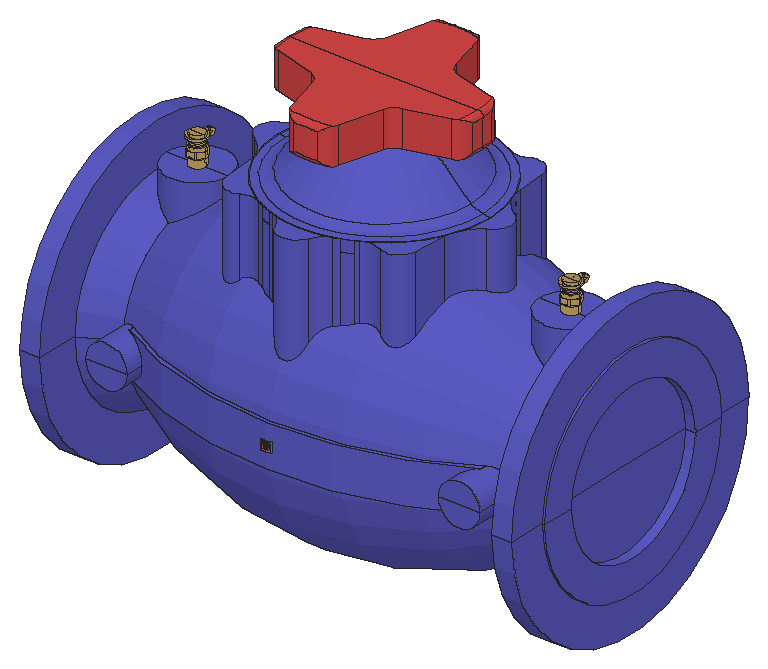
Revit family "HERZ Strömax Commissioning Valve With Test points, Straight Body 4218 GMF", category Rohrzubehör, Revit 2019 (continued)
Definition of nested family "Messstutzen_Band_Austritt_senkrecht_(oben 25)"
  Forms (mm)
    Extrusion 5, solid, detail levels fine
      sketch origin (14.022, 0, 30.07) x (0, 1, 0) y (0.906308, 0, -0.422618)
        loop
          circle (0, 0) r 6.1
        loop
          arc (8.652, -4.495) -> (10.493, -2.527) -> (13.089, -1.8) r 5
          line (13.089, -1.8) -> (13.089, 1.8)
          arc (13.089, 1.8) -> (10.493, 2.527) -> (8.652, 4.495) r 5
          arc (8.652, 4.495) -> (-9.75, 0) -> (8.652, -4.495) r 9.75
      from 0 to -1.5
    Sweep 6, solid, detail levels fine
      path origin (0.876, 0.242, 1.118) x (-0.422618, 0, -0.906308) y (0, 1, 0)
        loop
          line (-27.75, 9.582) -> (-27.75, 14.522)
          arc (-27.75, 14.522) -> (-30.089, 16.862) -> (-32.428, 14.522) r 2.339
          line (-32.428, 14.522) -> (-32.428, 13.089)
      profile origin (12.603, 12.294, 26.268) x (0.422618, 0, 0.906308) y (0.906308, 0, -0.422618)
        loop
          line (-0.75, -1.8) -> (0.75, -1.8) -> (0.75, 1.8) -> (-0.75, 1.8) -> (-0.75, -1.8)
  Dimensions and locks
    aligned and locked: level to plane 2
Definition of nested family "Messstutzen_Band_Austritt_senkrecht_(oben 0.8)"
  Parameters (values of type "Messstutzen_Band_Austritt_senkrecht_(oben 0.8)")
    URL = "www.herz-armaturen.at"
    Schutzkappe [instance] = yes
    Nennweite [instance] = 0.00 mm
    Manufacturer = "Herz Armaturen GmbH"  # constant formula
    Gewicht [instance] = 0.00 kg
    Bestellnummer [instance] = 0
  Reference planes
    plane 1 "Mitte (Vorne/hinten)": y = 0
    plane 2: z = 0
    plane 3 "Mitte (Links/rechts)": x = 0
  Forms (mm)
    Revolve 1, solid, detail levels fine
      sketch origin (0, 0, 0) x (0.999903, 0, -0.013962) y (0.013962, 0, 0.999903)
        loop
          line (-7.4, 9) -> (-5.55, 9) -> (-5.55, 6)
          arc (-5.55, 6) -> (-5.626, 5.617) -> (-5.843, 5.293) r 1
          line (-5.843, 5.293) -> (-6.455, 4.681) -> (-6.455, 0.9) -> (-5.555, 0) -> (-2, 0) -> (-2, 17.5) -> (-8.4, 17.5)
          arc (-8.4, 17.5) -> (-7.693, 17.207) -> (-7.4, 16.5) r 1
          line (-7.4, 16.5) -> (-7.4, 9)
        loop
          line (-3.7, 27) -> (-7.3, 27) -> (-7.9, 26.4) -> (-7.9, 23) -> (-2, 23) -> (-2, 35.8) -> (-3.805, 35.8) -> (-4.415, 35.19) -> (-4.415, 30.863) -> (-3.7, 30.45) -> (-3.7, 27)
        axis (0, 0) -> (0, 35.8)
      angle from 0 to 360
    Extrusion 2, solid, detail levels fine
      sketch origin (0.244, 0, 17.498) x (0, 1, 0) y (-0.999903, 0, 0.013962)
        loop
          arc (-7.07, 5.156) -> (-7.578, 4.375) -> (-8, 3.544) r 8.75
          line (-8, 3.544) -> (-8, -3.544)
          arc (-8, -3.544) -> (-7.578, -4.375) -> (-7.07, -5.156) r 8.75
          line (-7.07, -5.156) -> (-0.93, -8.7)
          arc (-0.93, -8.7) -> (0, -8.75) -> (0.93, -8.7) r 8.75
          line (0.93, -8.7) -> (7.07, -5.156)
          arc (7.07, -5.156) -> (7.578, -4.375) -> (8, -3.544) r 8.75
          line (8, -3.544) -> (8, 3.544)
          arc (8, 3.544) -> (7.578, 4.375) -> (7.07, 5.156) r 8.75
          line (7.07, 5.156) -> (0.93, 8.7)
          arc (0.93, 8.7) -> (0, 8.75) -> (-0.93, 8.7) r 8.75
          line (-0.93, 8.7) -> (-7.07, 5.156)
      from 0 to 5.5
    Revolve 3, solid, visible <- "Schutzkappe", detail levels fine
      sketch origin (0, 0, 0) x (0.999903, 0, -0.013962) y (0.013962, 0, 0.999903)
        loop
          line (0, 35.878) -> (0, 36.678) -> (-7, 36.678) -> (-7, 33.378) -> (-6.1, 33.378) -> (-6.1, 31.678) -> (-6.9, 31.678) -> (-6.9, 30.178) -> (-4.415, 30.178) -> (-4.415, 35.268) -> (-3.805, 35.878) -> (0, 35.878)
        axis (0, 30.178) -> (0, 36.678)
      angle from 0 to 360
    Extrusion 4, solid, detail levels fine
      sketch origin (0.398, 0, 28.497) x (0, 1, 0) y (0.999903, 0, -0.013962)
        loop
          circle (0, 0) r 3.7
        loop
          arc (5.505, -3.906) -> (7.288, -2.358) -> (9.582, -1.8) r 5
          line (9.582, -1.8) -> (9.582, 1.8)
          arc (9.582, 1.8) -> (7.288, 2.358) -> (5.505, 3.906) r 5
          arc (5.505, 3.906) -> (-6.75, 0) -> (5.505, -3.906) r 6.75
      from 0 to -1.5
    Extrusion 5, solid, detail levels fine
      sketch origin (0.463, 0, 33.175) x (0, 1, 0) y (0.999903, 0, -0.013962)
        loop
          circle (0, 0) r 6.1
        loop
          arc (8.652, -4.495) -> (10.493, -2.527) -> (13.089, -1.8) r 5
          line (13.089, -1.8) -> (13.089, 1.8)
          arc (13.089, 1.8) -> (10.493, 2.527) -> (8.652, 4.495) r 5
          arc (8.652, 4.495) -> (-9.75, 0) -> (8.652, -4.495) r 9.75
      from 0 to -1.5
    Sweep 6, solid, detail levels fine
      path origin (0.514, 0.493, 1.007) x (-0.013962, 0, -0.999903) y (0, 1, 0)
        loop
          line (-27.75, 9.582) -> (-27.75, 14.522)
          arc (-27.75, 14.522) -> (-30.089, 16.862) -> (-32.428, 14.522) r 2.339
          line (-32.428, 14.522) -> (-32.428, 13.089)
      profile origin (0.901, 12.545, 28.754) x (0.013962, 0, 0.999903) y (0.999903, 0, -0.013962)
        loop
          line (-0.75, -1.8) -> (0.75, -1.8) -> (0.75, 1.8) -> (-0.75, 1.8) -> (-0.75, -1.8)
  Dimensions and locks
    aligned and locked: level to plane 2
Definition of nested family "Messstutzen_Band_Eintritt_senkrecht_(oben 10)"
  Parameters (values of type "Messstutzen_Band_Eintritt_senkrecht_(oben 10)")
    URL = "www.herz-armaturen.at"
    Schutzkappe [instance] = yes
    Nennweite [instance] = 0.00 mm
    Manufacturer = "Herz Armaturen GmbH"  # constant formula
    Gewicht [instance] = 0.00 kg
    Bestellnummer [instance] = 0
  Reference planes
    plane 1 "Mitte (Vorne/hinten)": y = 0
    plane 2: z = 0
    plane 3 "Mitte (Links/rechts)": x = 0
  Forms (mm)
    Revolve 1, solid, detail levels fine
      sketch origin (0, 0, 0) x (0.984808, 0, 0.173648) y (-0.173648, 0, 0.984808)
        loop
          line (-7.4, 9) -> (-5.55, 9) -> (-5.55, 6)
          arc (-5.55, 6) -> (-5.626, 5.617) -> (-5.843, 5.293) r 1
          line (-5.843, 5.293) -> (-6.455, 4.681) -> (-6.455, 0.9) -> (-5.555, 0) -> (-2, 0) -> (-2, 17.5) -> (-8.4, 17.5)
          arc (-8.4, 17.5) -> (-7.693, 17.207) -> (-7.4, 16.5) r 1
          line (-7.4, 16.5) -> (-7.4, 9)
        loop
          line (-3.7, 27) -> (-7.3, 27) -> (-7.9, 26.4) -> (-7.9, 23) -> (-2, 23) -> (-2, 35.8) -> (-3.805, 35.8) -> (-4.415, 35.19) -> (-4.415, 30.863) -> (-3.7, 30.45) -> (-3.7, 27)
        axis (0, 0) -> (0, 35.8)
      angle from 0 to 360
    Extrusion 2, solid, detail levels fine
      sketch origin (-3.039, 0, 17.234) x (0, 1, 0) y (-0.984808, 0, -0.173648)
        loop
          arc (-7.07, 5.156) -> (-7.578, 4.375) -> (-8, 3.544) r 8.75
          line (-8, 3.544) -> (-8, -3.544)
          arc (-8, -3.544) -> (-7.578, -4.375) -> (-7.07, -5.156) r 8.75
          line (-7.07, -5.156) -> (-0.93, -8.7)
          arc (-0.93, -8.7) -> (0, -8.75) -> (0.93, -8.7) r 8.75
          line (0.93, -8.7) -> (7.07, -5.156)
          arc (7.07, -5.156) -> (7.578, -4.375) -> (8, -3.544) r 8.75
          line (8, -3.544) -> (8, 3.544)
          arc (8, 3.544) -> (7.578, 4.375) -> (7.07, 5.156) r 8.75
          line (7.07, 5.156) -> (0.93, 8.7)
          arc (0.93, 8.7) -> (0, 8.75) -> (-0.93, 8.7) r 8.75
          line (-0.93, 8.7) -> (-7.07, 5.156)
      from 0 to 5.5
    Revolve 3, solid, visible <- "Schutzkappe", detail levels fine
      sketch origin (0, 0, 0) x (0.984808, 0, 0.173648) y (-0.173648, 0, 0.984808)
        loop
          line (0, 35.878) -> (0, 36.678) -> (-7, 36.678) -> (-7, 33.378) -> (-6.1, 33.378) -> (-6.1, 31.678) -> (-6.9, 31.678) -> (-6.9, 30.178) -> (-4.415, 30.178) -> (-4.415, 35.268) -> (-3.805, 35.878) -> (0, 35.878)
        axis (0, 30.178) -> (0, 36.678)
      angle from 0 to 360
    Extrusion 4, solid, detail levels fine
      sketch origin (-4.949, 0, 28.067) x (0, 1, 0) y (0.984808, 0, 0.173648)
        loop
          circle (0, 0) r 3.7
        loop
          arc (5.505, -3.906) -> (7.288, -2.358) -> (9.582, -1.8) r 5
          line (9.582, -1.8) -> (9.582, 1.8)
          arc (9.582, 1.8) -> (7.288, 2.358) -> (5.505, 3.906) r 5
          arc (5.505, 3.906) -> (-6.75, 0) -> (5.505, -3.906) r 6.75
      from 0 to -1.5
    Extrusion 5, solid, detail levels fine
      sketch origin (-5.761, 0, 32.674) x (0, 1, 0) y (0.984808, 0, 0.173648)
        loop
          circle (0, 0) r 6.1
        loop
          arc (8.652, -4.495) -> (10.493, -2.527) -> (13.089, -1.8) r 5
          line (13.089, -1.8) -> (13.089, 1.8)
          arc (13.089, 1.8) -> (10.493, 2.527) -> (8.652, 4.495) r 5
          arc (8.652, 4.495) -> (-9.75, 0) -> (8.652, -4.495) r 9.75
      from 0 to -1.5
    Sweep 6, solid, detail levels fine
      path origin (0.6, 0.141, 0.838) x (0.173648, 0, -0.984808) y (0, 1, 0)
        loop
          line (-27.75, 9.582) -> (-27.75, 14.522)
          arc (-27.75, 14.522) -> (-30.089, 16.862) -> (-32.428, 14.522) r 2.339
          line (-32.428, 14.522) -> (-32.428, 13.089)
      profile origin (-4.219, 12.193, 28.166) x (-0.173648, 0, 0.984808) y (0.984808, 0, 0.173648)
        loop
          line (-0.75, -1.8) -> (0.75, -1.8) -> (0.75, 1.8) -> (-0.75, 1.8) -> (-0.75, -1.8)
  Dimensions and locks
    aligned and locked: level to plane 2
Definition of nested family "Messstutzen_Band_Eintritt_senkrecht_(oben 15)"
  Parameters (values of type "Messstutzen_Band_Eintritt_senkrecht_(oben 15)")
    URL = "www.herz-armaturen.at"
    Schutzkappe [instance] = yes
    Nennweite [instance] = 0.00 mm
    Manufacturer = "Herz Armaturen GmbH"  # constant formula
    Gewicht [instance] = 0.00 kg
    Bestellnummer [instance] = 0
  Reference planes
    plane 1 "Mitte (Vorne/hinten)": y = 0
    plane 2: z = 0
    plane 3 "Mitte (Links/rechts)": x = 0
  Forms (mm)
    Revolve 1, solid, detail levels fine
      sketch origin (0, 0, 0) x (0.965926, 0, 0.258819) y (-0.258819, 0, 0.965926)
        loop
          line (-7.4, 9) -> (-5.55, 9) -> (-5.55, 6)
          arc (-5.55, 6) -> (-5.626, 5.617) -> (-5.843, 5.293) r 1
          line (-5.843, 5.293) -> (-6.455, 4.681) -> (-6.455, 0.9) -> (-5.555, 0) -> (-2, 0) -> (-2, 17.5) -> (-8.4, 17.5)
          arc (-8.4, 17.5) -> (-7.693, 17.207) -> (-7.4, 16.5) r 1
          line (-7.4, 16.5) -> (-7.4, 9)
        loop
          line (-3.7, 27) -> (-7.3, 27) -> (-7.9, 26.4) -> (-7.9, 23) -> (-2, 23) -> (-2, 35.8) -> (-3.805, 35.8) -> (-4.415, 35.19) -> (-4.415, 30.863) -> (-3.7, 30.45) -> (-3.7, 27)
        axis (0, 0) -> (0, 35.8)
      angle from 0 to 360
    Extrusion 2, solid, detail levels fine
      sketch origin (-4.529, 0, 16.904) x (0, 1, 0) y (-0.965926, 0, -0.258819)
        loop
          arc (-7.07, 5.156) -> (-7.578, 4.375) -> (-8, 3.544) r 8.75
          line (-8, 3.544) -> (-8, -3.544)
          arc (-8, -3.544) -> (-7.578, -4.375) -> (-7.07, -5.156) r 8.75
          line (-7.07, -5.156) -> (-0.93, -8.7)
          arc (-0.93, -8.7) -> (0, -8.75) -> (0.93, -8.7) r 8.75
          line (0.93, -8.7) -> (7.07, -5.156)
          arc (7.07, -5.156) -> (7.578, -4.375) -> (8, -3.544) r 8.75
          line (8, -3.544) -> (8, 3.544)
          arc (8, 3.544) -> (7.578, 4.375) -> (7.07, 5.156) r 8.75
          line (7.07, 5.156) -> (0.93, 8.7)
          arc (0.93, 8.7) -> (0, 8.75) -> (-0.93, 8.7) r 8.75
          line (-0.93, 8.7) -> (-7.07, 5.156)
      from 0 to 5.5
    Revolve 3, solid, visible <- "Schutzkappe", detail levels fine
      sketch origin (0, 0, 0) x (0.965926, 0, 0.258819) y (-0.258819, 0, 0.965926)
        loop
          line (0, 35.878) -> (0, 36.678) -> (-7, 36.678) -> (-7, 33.378) -> (-6.1, 33.378) -> (-6.1, 31.678) -> (-6.9, 31.678) -> (-6.9, 30.178) -> (-4.415, 30.178) -> (-4.415, 35.268) -> (-3.805, 35.878) -> (0, 35.878)
        axis (0, 30.178) -> (0, 36.678)
      angle from 0 to 360
    Extrusion 4, solid, detail levels fine
      sketch origin (-7.376, 0, 27.529) x (0, 1, 0) y (0.965926, 0, 0.258819)
        loop
          circle (0, 0) r 3.7
        loop
          arc (5.505, -3.906) -> (7.288, -2.358) -> (9.582, -1.8) r 5
          line (9.582, -1.8) -> (9.582, 1.8)
          arc (9.582, 1.8) -> (7.288, 2.358) -> (5.505, 3.906) r 5
          arc (5.505, 3.906) -> (-6.75, 0) -> (5.505, -3.906) r 6.75
      from 0 to -1.5
    Extrusion 5, solid, detail levels fine
      sketch origin (-8.587, 0, 32.048) x (0, 1, 0) y (0.965926, 0, 0.258819)
        loop
          circle (0, 0) r 6.1
        loop
          arc (8.652, -4.495) -> (10.493, -2.527) -> (13.089, -1.8) r 5
          line (13.089, -1.8) -> (13.089, 1.8)
          arc (13.089, 1.8) -> (10.493, 2.527) -> (8.652, 4.495) r 5
          arc (8.652, 4.495) -> (-9.75, 0) -> (8.652, -4.495) r 9.75
      from 0 to -1.5
    Sweep 6, solid, detail levels fine
      path origin (0.468, 0.277, 0.942) x (0.258819, 0, -0.965926) y (0, 1, 0)
        loop
          line (-27.75, 9.582) -> (-27.75, 14.522)
          arc (-27.75, 14.522) -> (-30.089, 16.862) -> (-32.428, 14.522) r 2.339
          line (-32.428, 14.522) -> (-32.428, 13.089)
      profile origin (-6.714, 12.329, 27.747) x (-0.258819, 0, 0.965926) y (0.965926, 0, 0.258819)
        loop
          line (-0.75, -1.8) -> (0.75, -1.8) -> (0.75, 1.8) -> (-0.75, 1.8) -> (-0.75, -1.8)
  Dimensions and locks
    aligned and locked: level to plane 2
Definition of nested family "Messstutzen_Band_Eintritt_senkrecht_(oben 25)"
  Parameters (values of type "Messstutzen_Band_Eintritt_senkrecht_(oben 25)")
    URL = "www.herz-armaturen.at"
    Schutzkappe [instance] = yes
    Nennweite [instance] = 0.00 mm
    Manufacturer = "Herz Armaturen GmbH"  # constant formula
    Gewicht [instance] = 0.00 kg
    Bestellnummer [instance] = 0
  Reference planes
    plane 1 "Mitte (Vorne/hinten)": y = 0
    plane 2: z = 0
    plane 3 "Mitte (Links/rechts)": x = 0
  Forms (mm)
    Revolve 1, solid, detail levels fine
      sketch origin (0, 0, 0) x (0.906308, 0, 0.422618) y (-0.422618, 0, 0.906308)
        loop
          line (-7.4, 9) -> (-5.55, 9) -> (-5.55, 6)
          arc (-5.55, 6) -> (-5.626, 5.617) -> (-5.843, 5.293) r 1
          line (-5.843, 5.293) -> (-6.455, 4.681) -> (-6.455, 0.9) -> (-5.555, 0) -> (-2, 0) -> (-2, 17.5) -> (-8.4, 17.5)
          arc (-8.4, 17.5) -> (-7.693, 17.207) -> (-7.4, 16.5) r 1
          line (-7.4, 16.5) -> (-7.4, 9)
        loop
          line (-3.7, 27) -> (-7.3, 27) -> (-7.9, 26.4) -> (-7.9, 23) -> (-2, 23) -> (-2, 35.8) -> (-3.805, 35.8) -> (-4.415, 35.19) -> (-4.415, 30.863) -> (-3.7, 30.45) -> (-3.7, 27)
        axis (0, 0) -> (0, 35.8)
      angle from 0 to 360
    Extrusion 2, solid, detail levels fine
      sketch origin (-7.396, 0, 15.86) x (0, 1, 0) y (-0.906308, 0, -0.422618)
        loop
          arc (-7.07, 5.156) -> (-7.578, 4.375) -> (-8, 3.544) r 8.75
          line (-8, 3.544) -> (-8, -3.544)
          arc (-8, -3.544) -> (-7.578, -4.375) -> (-7.07, -5.156) r 8.75
          line (-7.07, -5.156) -> (-0.93, -8.7)
          arc (-0.93, -8.7) -> (0, -8.75) -> (0.93, -8.7) r 8.75
          line (0.93, -8.7) -> (7.07, -5.156)
          arc (7.07, -5.156) -> (7.578, -4.375) -> (8, -3.544) r 8.75
          line (8, -3.544) -> (8, 3.544)
          arc (8, 3.544) -> (7.578, 4.375) -> (7.07, 5.156) r 8.75
          line (7.07, 5.156) -> (0.93, 8.7)
          arc (0.93, 8.7) -> (0, 8.75) -> (-0.93, 8.7) r 8.75
          line (-0.93, 8.7) -> (-7.07, 5.156)
      from 0 to 5.5
    Revolve 3, solid, visible <- "Schutzkappe", detail levels fine
      sketch origin (0, 0, 0) x (0.906308, 0, 0.422618) y (-0.422618, 0, 0.906308)
        loop
          line (0, 35.878) -> (0, 36.678) -> (-7, 36.678) -> (-7, 33.378) -> (-6.1, 33.378) -> (-6.1, 31.678) -> (-6.9, 31.678) -> (-6.9, 30.178) -> (-4.415, 30.178) -> (-4.415, 35.268) -> (-3.805, 35.878) -> (0, 35.878)
        axis (0, 30.178) -> (0, 36.678)
      angle from 0 to 360
    Extrusion 4, solid, detail levels fine
      sketch origin (-12.045, 0, 25.83) x (0, 1, 0) y (0.906308, 0, 0.422618)
        loop
          circle (0, 0) r 3.7
        loop
          arc (5.505, -3.906) -> (7.288, -2.358) -> (9.582, -1.8) r 5
          line (9.582, -1.8) -> (9.582, 1.8)
          arc (9.582, 1.8) -> (7.288, 2.358) -> (5.505, 3.906) r 5
          arc (5.505, 3.906) -> (-6.75, 0) -> (5.505, -3.906) r 6.75
      from 0 to -1.5
    Extrusion 5, solid, detail levels fine
      sketch origin (-14.022, 0, 30.07) x (0, 1, 0) y (0.906308, 0, 0.422618)
        loop
          circle (0, 0) r 6.1
        loop
          arc (8.652, -4.495) -> (10.493, -2.527) -> (13.089, -1.8) r 5
          line (13.089, -1.8) -> (13.089, 1.8)
          arc (13.089, 1.8) -> (10.493, 2.527) -> (8.652, 4.495) r 5
          arc (8.652, 4.495) -> (-9.75, 0) -> (8.652, -4.495) r 9.75
      from 0 to -1.5
    Sweep 6, solid, detail levels fine
      path origin (-0.876, 0.242, 1.118) x (0.422618, 0, -0.906308) y (0, 1, 0)
        loop
          line (-27.75, 9.582) -> (-27.75, 14.522)
          arc (-27.75, 14.522) -> (-30.089, 16.862) -> (-32.428, 14.522) r 2.339
          line (-32.428, 14.522) -> (-32.428, 13.089)
      profile origin (-12.603, 12.294, 26.268) x (-0.422618, 0, 0.906308) y (0.906308, 0, 0.422618)
        loop
          line (-0.75, -1.8) -> (0.75, -1.8) -> (0.75, 1.8) -> (-0.75, 1.8) -> (-0.75, -1.8)
  Dimensions and locks
    aligned and locked: level to plane 2
Definition of nested family "Messstutzen_Band_Eintritt_senkrecht_(oben 0.8)"
  Parameters (values of type "Messstutzen_Band_Eintritt_senkrecht_(oben 0.8)")
    URL = "www.herz-armaturen.at"
    Schutzkappe [instance] = yes
    Nennweite [instance] = 0.00 mm
    Manufacturer = "Herz Armaturen GmbH"  # constant formula
    Gewicht [instance] = 0.00 kg
    Bestellnummer [instance] = 0
  Reference planes
    plane 1 "Mitte (Vorne/hinten)": y = 0
    plane 2: z = 0
    plane 3 "Mitte (Links/rechts)": x = 0
  Forms (mm)
    Revolve 1, solid, detail levels fine
      sketch origin (0, 0, 0) x (0.999903, 0, 0.013962) y (-0.013962, 0, 0.999903)
        loop
          line (-7.4, 9) -> (-5.55, 9) -> (-5.55, 6)
          arc (-5.55, 6) -> (-5.626, 5.617) -> (-5.843, 5.293) r 1
          line (-5.843, 5.293) -> (-6.455, 4.681) -> (-6.455, 0.9) -> (-5.555, 0) -> (-2, 0) -> (-2, 17.5) -> (-8.4, 17.5)
          arc (-8.4, 17.5) -> (-7.693, 17.207) -> (-7.4, 16.5) r 1
          line (-7.4, 16.5) -> (-7.4, 9)
        loop
          line (-3.7, 27) -> (-7.3, 27) -> (-7.9, 26.4) -> (-7.9, 23) -> (-2, 23) -> (-2, 35.8) -> (-3.805, 35.8) -> (-4.415, 35.19) -> (-4.415, 30.863) -> (-3.7, 30.45) -> (-3.7, 27)
        axis (0, 0) -> (0, 35.8)
      angle from 0 to 360
    Extrusion 2, solid, detail levels fine
      sketch origin (-0.244, 0, 17.498) x (0, 1, 0) y (-0.999903, 0, -0.013962)
        loop
          arc (-7.07, 5.156) -> (-7.578, 4.375) -> (-8, 3.544) r 8.75
          line (-8, 3.544) -> (-8, -3.544)
          arc (-8, -3.544) -> (-7.578, -4.375) -> (-7.07, -5.156) r 8.75
          line (-7.07, -5.156) -> (-0.93, -8.7)
          arc (-0.93, -8.7) -> (0, -8.75) -> (0.93, -8.7) r 8.75
          line (0.93, -8.7) -> (7.07, -5.156)
          arc (7.07, -5.156) -> (7.578, -4.375) -> (8, -3.544) r 8.75
          line (8, -3.544) -> (8, 3.544)
          arc (8, 3.544) -> (7.578, 4.375) -> (7.07, 5.156) r 8.75
          line (7.07, 5.156) -> (0.93, 8.7)
          arc (0.93, 8.7) -> (0, 8.75) -> (-0.93, 8.7) r 8.75
          line (-0.93, 8.7) -> (-7.07, 5.156)
      from 0 to 5.5
    Revolve 3, solid, visible <- "Schutzkappe", detail levels fine
      sketch origin (0, 0, 0) x (0.999903, 0, 0.013962) y (-0.013962, 0, 0.999903)
        loop
          line (0, 35.878) -> (0, 36.678) -> (-7, 36.678) -> (-7, 33.378) -> (-6.1, 33.378) -> (-6.1, 31.678) -> (-6.9, 31.678) -> (-6.9, 30.178) -> (-4.415, 30.178) -> (-4.415, 35.268) -> (-3.805, 35.878) -> (0, 35.878)
        axis (0, 30.178) -> (0, 36.678)
      angle from 0 to 360
    Extrusion 4, solid, detail levels fine
      sketch origin (-0.398, 0, 28.497) x (0, 1, 0) y (0.999903, 0, 0.013962)
        loop
          circle (0, 0) r 3.7
        loop
          arc (5.505, -3.906) -> (7.288, -2.358) -> (9.582, -1.8) r 5
          line (9.582, -1.8) -> (9.582, 1.8)
          arc (9.582, 1.8) -> (7.288, 2.358) -> (5.505, 3.906) r 5
          arc (5.505, 3.906) -> (-6.75, 0) -> (5.505, -3.906) r 6.75
      from 0 to -1.5
    Extrusion 5, solid, detail levels fine
      sketch origin (-0.463, 0, 33.175) x (0, 1, 0) y (0.999903, 0, 0.013962)
        loop
          circle (0, 0) r 6.1
        loop
          arc (8.652, -4.495) -> (10.493, -2.527) -> (13.089, -1.8) r 5
          line (13.089, -1.8) -> (13.089, 1.8)
          arc (13.089, 1.8) -> (10.493, 2.527) -> (8.652, 4.495) r 5
          arc (8.652, 4.495) -> (-9.75, 0) -> (8.652, -4.495) r 9.75
      from 0 to -1.5
    Sweep 6, solid, detail levels fine
      path origin (0.447, 0.318, 1.252) x (0.013962, 0, -0.999903) y (0, 1, 0)
        loop
          line (-27.75, 9.582) -> (-27.75, 14.522)
          arc (-27.75, 14.522) -> (-30.089, 16.862) -> (-32.428, 14.522) r 2.339
          line (-32.428, 14.522) -> (-32.428, 13.089)
      profile origin (0.059, 12.37, 29) x (-0.013962, 0, 0.999903) y (0.999903, 0, 0.013962)
        loop
          line (-0.75, -1.8) -> (0.75, -1.8) -> (0.75, 1.8) -> (-0.75, 1.8) -> (-0.75, -1.8)
  Dimensions and locks
    aligned and locked: level to plane 2
Definition of nested family "Strangregulierventil-Handrad-Gerade (Rot) DN15-DN40"
  Parameters (values of type "Strangregulierventil-Handrad-Gerade (Rot) DN15-DN40")
    URL = "www.herz-armaturen.at"
    Nennweite [instance] = 0.00 mm
    Manufacturer = "Herz Armaturen GmbH"  # constant formula
    Gewicht [instance] = 0.00 kg
    Bestellnummer [instance] = 0
  Reference planes
    plane 1 "Mitte (Vorne/hinten)": y = 0
    plane 2: z = 0
    plane 3 "Mitte (Links/rechts)": x = 0
  Forms (mm)
    Revolve 1, solid, detail levels fine
      sketch origin (0, 0, 0) x (1, 0, 0) y (0, 0, 1)
        loop
          line (0, 0) -> (0, 24.95) -> (-30.992, 24.95)
          arc (-30.992, 24.95) -> (-34.37, 23.636) -> (-35.973, 20.386) r 5
          line (-35.973, 20.386) -> (-37, 8.65) -> (-35.986, -2.936)
          arc (-35.986, -2.936) -> (-34.383, -6.186) -> (-31.005, -7.5) r 5
          line (-31.005, -7.5) -> (-15, -7.5) -> (-15, 0) -> (0, 0)
        axis (0, 24.95) -> (0, -7.5)
      angle from 0 to 360
    Extrusion 2, void
      sketch origin (0, 0, 20.3) x (1, 0, 0) y (0, 1, 0)
        loop
          line (3.861, 35.5) -> (-3.861, 35.5)
          arc (-3.861, 35.5) -> (-8.731, 33.847) -> (-11.589, 29.571) r 8
          line (-11.589, 29.571) -> (-13.284, 23.245)
          arc (-13.284, 23.245) -> (-13.982, 21.722) -> (-15.144, 20.516) r 5
          arc (-15.144, 20.516) -> (-18.031, 18.031) -> (-20.516, 15.144) r 25.5
          arc (-20.516, 15.144) -> (-21.722, 13.982) -> (-23.245, 13.284) r 5
          line (-23.245, 13.284) -> (-29.571, 11.589)
          arc (-29.571, 11.589) -> (-33.847, 8.731) -> (-35.5, 3.861) r 8
          line (-35.5, 3.861) -> (-35.5, -3.861)
          arc (-35.5, -3.861) -> (-33.847, -8.731) -> (-29.571, -11.589) r 8
          line (-29.571, -11.589) -> (-23.245, -13.284)
          arc (-23.245, -13.284) -> (-21.722, -13.982) -> (-20.516, -15.144) r 5
          arc (-20.516, -15.144) -> (-18.031, -18.031) -> (-15.144, -20.516) r 25.5
          arc (-15.144, -20.516) -> (-13.982, -21.722) -> (-13.284, -23.245) r 5
          line (-13.284, -23.245) -> (-11.589, -29.571)
          arc (-11.589, -29.571) -> (-8.731, -33.847) -> (-3.861, -35.5) r 8
          line (-3.861, -35.5) -> (3.861, -35.5)
          arc (3.861, -35.5) -> (8.731, -33.847) -> (11.589, -29.571) r 8
          line (11.589, -29.571) -> (13.284, -23.245)
          arc (13.284, -23.245) -> (13.982, -21.722) -> (15.144, -20.516) r 5
          arc (15.144, -20.516) -> (18.031, -18.031) -> (20.516, -15.144) r 25.5
          arc (20.516, -15.144) -> (21.722, -13.982) -> (23.245, -13.284) r 5
          line (23.245, -13.284) -> (29.571, -11.589)
          arc (29.571, -11.589) -> (33.847, -8.731) -> (35.5, -3.861) r 8
          line (35.5, -3.861) -> (35.5, 3.861)
          arc (35.5, 3.861) -> (33.847, 8.731) -> (29.571, 11.589) r 8
          line (29.571, 11.589) -> (23.245, 13.284)
          arc (23.245, 13.284) -> (21.722, 13.982) -> (20.516, 15.144) r 5
          arc (20.516, 15.144) -> (18.031, 18.031) -> (15.144, 20.516) r 25.5
          arc (15.144, 20.516) -> (13.982, 21.722) -> (13.284, 23.245) r 5
          line (13.284, 23.245) -> (11.589, 29.571)
          arc (11.589, 29.571) -> (8.731, 33.847) -> (3.861, 35.5) r 8
        loop
          circle (0, 0) r 38
      from -31.266 to 7.923
  Cuts and joins
    Extrusion 2 cuts Revolve 1
  Dimensions and locks
    Revolve 1 sketch curve to Revolve 1 sketch curve = 15.00 mm
    Revolve 1 sketch curve to Revolve 1 sketch curve = 16.15 mm
    Revolve 1 sketch curve to Revolve 1 sketch curve = 16.30 mm
    angle Revolve 1 sketch curve to Revolve 1 sketch curve = 95.00°
    aligned and locked: level to plane 2
Definition of nested family "Strangregulierventil-Handrad-Gerade (Rot) DN50-DN80"
  Parameters (values of type "Strangregulierventil-Handrad-Gerade (Rot) DN50-DN80")
    URL = "www.herz-armaturen.at"
    Nennweite [instance] = 0.00 mm
    Manufacturer = "Herz Armaturen GmbH"  # constant formula
    Gewicht [instance] = 0.00 kg
    Bestellnummer [instance] = 0
  Reference planes
    plane 1 "Mitte (Vorne/hinten)": y = 0
    plane 2: z = 0
    plane 3 "Mitte (Links/rechts)": x = 0
  Forms (mm)
    Revolve 1, solid, detail levels fine
      sketch origin (0, 0, 0) x (1, 0, 0) y (0, 0, 1)
        loop
          line (0, 0) -> (0, 24.95) -> (-50.992, 24.95)
          arc (-50.992, 24.95) -> (-54.37, 23.636) -> (-55.973, 20.386) r 5
          line (-55.973, 20.386) -> (-57, 8.65) -> (-55.986, -2.936)
          arc (-55.986, -2.936) -> (-54.383, -6.186) -> (-51.005, -7.5) r 5
          line (-51.005, -7.5) -> (-15, -7.5) -> (-15, 0) -> (0, 0)
        axis (0, 24.95) -> (0, -7.5)
      angle from 0 to 360
    Extrusion 2, void
      sketch origin (0, 0, 20.3) x (1, 0, 0) y (0, 1, 0)
        loop
          line (-55, 6.292) -> (-55, -6.292)
          arc (-55, -6.292) -> (-52.52, -13.597) -> (-46.106, -17.883) r 12
          line (-46.106, -17.883) -> (-35.399, -20.752)
          arc (-35.399, -20.752) -> (-33.541, -21.612) -> (-32.08, -23.047) r 6
          arc (-32.08, -23.047) -> (-27.931, -27.931) -> (-23.047, -32.08) r 39.5
          arc (-23.047, -32.08) -> (-21.612, -33.541) -> (-20.752, -35.399) r 6
          line (-20.752, -35.399) -> (-17.883, -46.106)
          arc (-17.883, -46.106) -> (-13.597, -52.52) -> (-6.292, -55) r 12
          line (-6.292, -55) -> (6.292, -55)
          arc (6.292, -55) -> (13.597, -52.52) -> (17.883, -46.106) r 12
          line (17.883, -46.106) -> (20.752, -35.399)
          arc (20.752, -35.399) -> (21.612, -33.541) -> (23.047, -32.08) r 6
          arc (23.047, -32.08) -> (27.931, -27.931) -> (32.08, -23.047) r 39.5
          arc (32.08, -23.047) -> (33.541, -21.612) -> (35.399, -20.752) r 6
          line (35.399, -20.752) -> (46.106, -17.883)
          arc (46.106, -17.883) -> (52.52, -13.597) -> (55, -6.292) r 12
          line (55, -6.292) -> (55, 6.292)
          arc (55, 6.292) -> (52.52, 13.597) -> (46.106, 17.883) r 12
          line (46.106, 17.883) -> (35.399, 20.752)
          arc (35.399, 20.752) -> (33.541, 21.612) -> (32.08, 23.047) r 6
          arc (32.08, 23.047) -> (27.931, 27.931) -> (23.047, 32.08) r 39.5
          arc (23.047, 32.08) -> (21.612, 33.541) -> (20.752, 35.399) r 6
          line (20.752, 35.399) -> (17.883, 46.106)
          arc (17.883, 46.106) -> (13.597, 52.52) -> (6.292, 55) r 12
          line (6.292, 55) -> (-6.292, 55)
          arc (-6.292, 55) -> (-13.597, 52.52) -> (-17.883, 46.106) r 12
          line (-17.883, 46.106) -> (-20.752, 35.399)
          arc (-20.752, 35.399) -> (-21.612, 33.541) -> (-23.047, 32.08) r 6
          arc (-23.047, 32.08) -> (-27.931, 27.931) -> (-32.08, 23.047) r 39.5
          arc (-32.08, 23.047) -> (-33.541, 21.612) -> (-35.399, 20.752) r 6
          line (-35.399, 20.752) -> (-46.106, 17.883)
          arc (-46.106, 17.883) -> (-52.52, 13.597) -> (-55, 6.292) r 12
        loop
          circle (0, 0) r 60
      from -31.161 to 7.489
  Cuts and joins
    Extrusion 2 cuts Revolve 1
  Dimensions and locks
    Revolve 1 sketch curve to Revolve 1 sketch curve = 15.00 mm
    Revolve 1 sketch curve to Revolve 1 sketch curve = 16.15 mm
    Revolve 1 sketch curve to Revolve 1 sketch curve = 16.30 mm
    Revolve 1 sketch curve to Revolve 1 sketch curve = 57.00 mm
    angle Revolve 1 sketch curve to Revolve 1 sketch curve = 95.00°
    aligned and locked: level to plane 2
Definition of nested family "Strangregulierventil-Handrad-Gerade (Rot) DN100-DN150"
  Parameters (values of type "Strangregulierventil-Handrad-Gerade (Rot) DN100-DN150")
    URL = "www.herz-armaturen.at"
    Nennweite [instance] = 0.00 mm
    Manufacturer = "Herz Armaturen GmbH"  # constant formula
    Gewicht [instance] = 0.00 kg
    Bestellnummer [instance] = 0
  Reference planes
    plane 1 "Mitte (Vorne/hinten)": y = 0
    plane 2: z = 0
    plane 3 "Mitte (Links/rechts)": x = 0
  Forms (mm)
    Revolve 1, solid, detail levels fine
      sketch origin (0, 0, 0) x (1, 0, 0) y (0, 0, 1)
        loop
          line (0, 0) -> (0, 20.8) -> (-90.019, 20.8)
          arc (-90.019, 20.8) -> (-93.397, 19.486) -> (-95, 16.236) r 5
          line (-95, 16.236) -> (-95, -9.166)
          arc (-95, -9.166) -> (-93.362, -12.33) -> (-90.032, -13.6) r 5
          line (-90.032, -13.6) -> (-20, -13.6) -> (-20, 0) -> (0, 0)
        axis (0, 20.8) -> (0, -13.6)
      angle from 0 to 360
    Extrusion 2, void
      sketch origin (0, 0, 20.3) x (1, 0, 0) y (0, 1, 0)
        loop
          circle (0, 0) r 110
        loop
          arc (-8.5, 94.619) -> (-17.649, 91.506) -> (-23, 83.46) r 15
          line (-23, 83.46) -> (-33.535, 44.142)
          arc (-33.535, 44.142) -> (-37.417, 37.417) -> (-44.142, 33.535) r 15
          line (-44.142, 33.535) -> (-83.46, 23)
          arc (-83.46, 23) -> (-91.506, 17.649) -> (-94.619, 8.5) r 15
          arc (-94.619, 8.5) -> (-95, 0) -> (-94.619, -8.5) r 95
          arc (-94.619, -8.5) -> (-91.506, -17.649) -> (-83.46, -23) r 15
          line (-83.46, -23) -> (-44.142, -33.535)
          arc (-44.142, -33.535) -> (-37.417, -37.417) -> (-33.535, -44.142) r 15
          line (-33.535, -44.142) -> (-23, -83.46)
          arc (-23, -83.46) -> (-17.649, -91.506) -> (-8.5, -94.619) r 15
          arc (-8.5, -94.619) -> (0, -95) -> (8.5, -94.619) r 95
          arc (8.5, -94.619) -> (17.649, -91.506) -> (23, -83.46) r 15
          line (23, -83.46) -> (33.535, -44.142)
          arc (33.535, -44.142) -> (37.417, -37.417) -> (44.142, -33.535) r 15
          line (44.142, -33.535) -> (83.46, -23)
          arc (83.46, -23) -> (91.506, -17.649) -> (94.619, -8.5) r 15
          arc (94.619, -8.5) -> (95, 0) -> (94.619, 8.5) r 95
          arc (94.619, 8.5) -> (91.506, 17.649) -> (83.46, 23) r 15
          line (83.46, 23) -> (44.142, 33.535)
          arc (44.142, 33.535) -> (37.417, 37.417) -> (33.535, 44.142) r 15
          line (33.535, 44.142) -> (23, 83.46)
          arc (23, 83.46) -> (17.649, 91.506) -> (8.5, 94.619) r 15
          arc (8.5, 94.619) -> (0, 95) -> (-8.5, 94.619) r 95
      from -51.286 to 22
  Cuts and joins
    Extrusion 2 cuts Revolve 1
  Dimensions and locks
    Revolve 1 sketch curve to Revolve 1 sketch curve = 20.00 mm
    Revolve 1 sketch curve to Revolve 1 sketch curve = 95.00 mm
    Revolve 1 sketch curve to Revolve 1 sketch curve = 34.40 mm
    plane 2 to Revolve 1 sketch curve = 13.60 mm
    aligned and locked: level to plane 2
